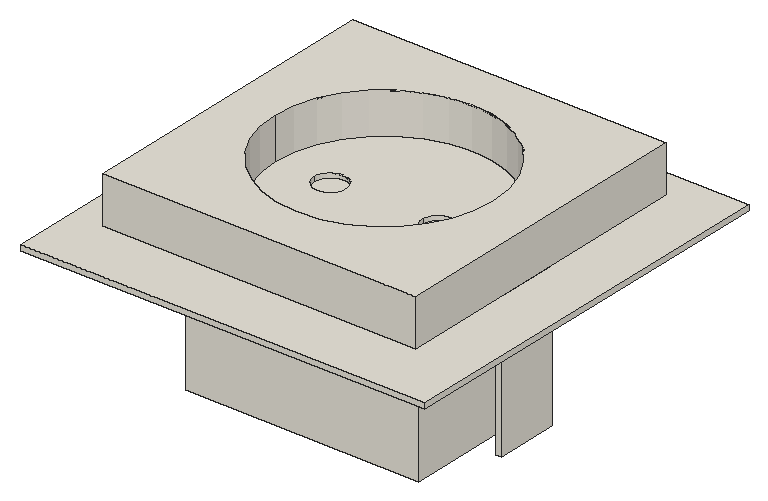
Revit family "Gira_277801", category Electrical Fixtures, host Face, Revit 2017
Family settings
  Host = Face
  Maintain Annotation Orientation = Yes
  Round Connector Dimension = Use Diameter
  Part Type = Normal
  Cut with Voids When Loaded = No
  Shared = No
  Room Calculation Point = No
Parameters (values of type "Sock.BS 13 A switched + SH System 55 cr.white")
  With signal lamp = "No"
  With orientation lighting = "No"
  With on/off switch = "Yes"
  With miniature fuse = "No"
  With loop through function = "No"
  With hinged lid = "No"
  With function lighting = "No"
  With child-protection = "Yes"
  With built-in USB power supply = "No"
  URL = "http://katalog.gira.de/en/datenblatt.html?artikelnr=277801"
  Type of fastening = "Mounting with screw"
  Transparent = "No"
  Surface protection = "Other"
  Surface finishing = "Glossy"
  Suitable for degree of protection (IP) = "IP20"
  Special power supply = "No special power supply"
  Rotated central insert = "No"
  RAL-number (akin) = "1013"
  Protective earth pin round = "No"
  Protective contact = "No"
  Over voltage protection = "No"
  Number of units = "1"
  Number of socket outlets switchable = "0"
  Number of modules (module system) = "1"
  Nominal voltage = "250"
  Nominal current = "13"
  Name = "Sock.BS 13 A switched + SH System 55 cr.white"
  Mounting method = "Flush mounted (plaster)"
  Model = "British Standard"
  Material quality = "Thermoplastic"
  Material = "Plastic"
  Manufacturer URL = "https://www.gira.de/"
  Manufacturer = "Gira"
  Lockable = "No"
  Label space/information surface = "No"
  Insulated mounting = "No"
  Imprint/indication = "Without imprint"
  HeinzeBIM = "https://bimportal.heinze.de/bim/sock-bs-13-a-switched-sh-system-55-cr-white/4ad33ecb1c581b81397ab3538bb46fbf3bca0c22"
  Halogen free = "Yes"
  HAN = "277801"
  GTIN = "4010337079477"
  Für "erschwerte Bedingungen" (nach VDE) (*de-DE) = "No"
  Fault current protection = "No"
  Eject-mechanism = "No"
  Description = "Sock.BS13A swt.SH Sys55 CW,Socket outlet British Standard (BS 1363-2) 13 A 250 V~ switched, with shutter,System 55, Support ring 71 x 71 mm,cream white glossy,Features:,- With screw terminals.,- For screw mounting only."
  Default Elevation = 1219.2 mm
  Data sheet (1) = "https://katalog.gira.de/en/download.html?artikelnr=277801"
  Cremeweiß glänzend = Cremeweiß glänzend
  Connection type = "Screwed terminal"
  Colour = "Cream white (electro white)"
  Category = "Socket outlet"
  BIM (1) = "https://media.stage.bim.site/public/gira/36a6b08/SYS55_Steckdose.rfa"
  Available = "No"
  Antibacterial treatment = "No"
Reference planes
  plane 1 "Center (Front/Back)": y = 0
  plane 2 "Reference Level 0": z = 0
  plane 3 "Center (Left/Right)": x = 0
  plane 4: x = 9.5
  plane 5: x = -9.5
  plane 6: x = 9.5
  plane 7: x = -9.5
  plane 8: x = 9.5
  plane 9: x = -9.5
  plane 10: x = 17.5
  plane 11 "Reference Level 1": z = 8.2
Forms (mm)
  Extrusion 1, solid, material "Cremeweiß glänzend" <- "Cremeweiß glänzend", detail levels coarse
    sketch origin (0, 0, 0) x (1, 0, 0) y (0, 1, 0)
      loop
        line (-35.5, 35.5) -> (-35.5, -35.5) -> (35.5, -35.5) -> (35.5, 35.5) -> (-35.5, 35.5)
    from -27.5 to 8.2
  Extrusion 2, solid, material "Cremeweiß glänzend" <- "Cremeweiß glänzend", detail levels medium+fine
    sketch origin (0, 0, 0) x (1, 0, 0) y (0, 1, 0)
      loop
        line (-35.5, 35.5) -> (-35.5, -35.5) -> (35.5, -35.5) -> (35.5, 35.5) -> (-35.5, 35.5)
    from -2.2 to -3.2
  Extrusion 3, solid, material "Cremeweiß glänzend" <- "Cremeweiß glänzend", detail levels medium+fine
    sketch origin (0, 0, 0) x (1, 0, 0) y (0, 1, 0)
      loop
        line (-27.5, 27.5) -> (-27.5, -27.5) -> (27.5, -27.5) -> (27.5, 27.5) -> (-27.5, 27.5)
      loop
        circle (0, 0) r 19.2
    from 0 to 8.2
  Extrusion 4, solid, material "Cremeweiß glänzend" <- "Cremeweiß glänzend", detail levels fine
    sketch origin (0, 0, 0) x (1, 0, 0) y (0, 1, 0)
      loop
        circle (0, 0) r 19.2
      loop
        circle (9.5, 0) r 2.8
      loop
        circle (-9.5, 0) r 2.8
    from 0 to 1
  Extrusion 5, solid, material "Cremeweiß glänzend" <- "Cremeweiß glänzend", detail levels fine
    sketch origin (0, 0, 0) x (1, 0, 0) y (0, 1, 0)
      loop
        circle (-9.5, 0) r 2.8
      loop
        circle (9.5, 0) r 2.8
    from -2.2 to 0.3
  Extrusion 6, solid, material "Cremeweiß glänzend" <- "Cremeweiß glänzend", detail levels medium
    sketch origin (0, 0, 0) x (1, 0, 0) y (0, 1, 0)
      loop
        circle (0, 0) r 19.2
      loop
        circle (9.5, 0) r 2.8
      loop
        circle (-9.5, 0) r 2.8
    from 7.2 to 8.2
  Extrusion 7, solid, material "Cremeweiß glänzend" <- "Cremeweiß glänzend", detail levels medium
    sketch origin (0, 0, 0) x (1, 0, 0) y (0, 1, 0)
      loop
        circle (-9.5, 0) r 2.8
      loop
        circle (9.5, 0) r 2.8
    from 7.2 to 8.2
  Extrusion 8, solid, material "Cremeweiß glänzend" <- "Cremeweiß glänzend", detail levels medium+fine
    sketch origin (0, 0, 0) x (1, 0, 0) y (0, 1, 0)
      loop
        line (-20.5, 9) -> (-20.5, -18) -> (20.5, -18) -> (20.5, 9) -> (17.5, 9) -> (3, 21) -> (3, 24) -> (-3, 24) -> (-3, 21) -> (-17.5, 9) -> (-20.5, 9)
    from 0 to -27.5
  Extrusion 9, solid, material "Cremeweiß glänzend" <- "Cremeweiß glänzend", detail levels medium+fine
    sketch origin (0, 0, 0) x (1, 0, 0) y (0, 1, 0)
      loop
        line (-25, 5.5) -> (-25, -5.5) -> (-24, -5.5) -> (-24, 5.5) -> (-25, 5.5)
    from 0 to -27.5
  Extrusion 10, solid, material "Cremeweiß glänzend" <- "Cremeweiß glänzend", detail levels medium+fine
    sketch origin (0, 0, 0) x (-1, 0, 0) y (0, -1, 0)
      loop
        line (-25, 5.5) -> (-25, -5.5) -> (-24, -5.5) -> (-24, 5.5) -> (-25, 5.5)
    from 0 to -27.5
Dimensions and locks
  aligned and locked: plane 2 "Reference Level 0" to host face
  aligned and locked: level to host face
  aligned and locked: plane 3 "Center (Left/Right)" to nested 1
  aligned and locked: plane 1 "Center (Front/Back)" to nested 1
Nested families
  nested 1: "Steckdose 1-fach Beschriftung" at (0, 0, 0), type "Steckdose 1-fach Beschriftung"
Connectors
  electrical at (0, 9, -27.5)
    settings: on Extrusion 8, index 1, voltage 220 V, apparent load 0 VA, apparent load phase1 0 VA, apparent load phase2 0 VA, apparent load phase3 0 VA, power factor 1, load classification "Other", number of poles 1, system type 31, power factor state 1, is connector primary yes, connector utility no, sub classification motor no, connector description ""
Definition of nested family "Steckdose 1-fach Beschriftung"
  Reference planes
    plane 1: y = 0
    plane 2: x = 0
  Lines and regions (mm)
    detail lines
      curve 1: line (0, 0, 0) -> (0, 2, 0)
      curve 3: line (0, 2, 0) -> (-1, 2, 0)
      curve 4: arc (1, 3, 0) -> (0, 2, 0) -> (-1, 3, 0) r 1
      curve 5: line (0, 2, 0) -> (1, 2, 0)
    reference lines
      curve 2: line (-0.485, 3, 0) -> (2.315, 3, 0)
  Dimensions and locks
    curve 1 to curve 1 = 2 mm
    plane 1 to curve 2 = 3 mm
    curve 3 to curve 3 = 1 mm
